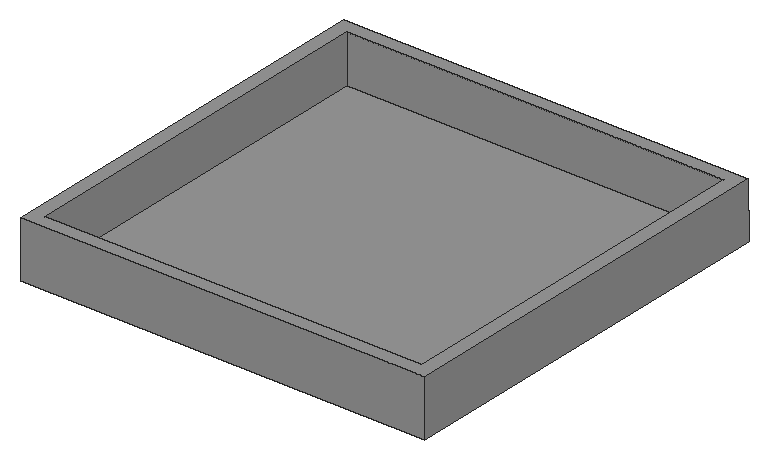
Revit family "RHUMBA_30W_3000K_2489LM_BLANC", category Lighting Fixtures, host Ceiling, Revit 2021
Family settings
  Host = Ceiling
  Round Connector Dimension = Use Diameter
  Part Type = Normal
  OmniClass Number = 23.80.70.11
  OmniClass Title = Luminaries for Internal Lighting
  Always vertical = Yes
  Cut with Voids When Loaded = No
  Light Source = Yes
  Shared = No
  Room Calculation Point = No
Parameters (values of type "Type 1")
  Wattage = 16.7562 W
  built-in parameter 1150110 = 1 (stored number, unit not read)
  Type de lampe = "LED Sanan LM80 Step MacAdam 5"
  Type = "Plafonnier"
  built-in parameter 1114217 = 1 (stored number, unit not read)
  Tilt Angle = 90.00°
  built-in parameter 1150109 = 1 (stored number, unit not read)
  built-in parameter 1150134 = (empty or 0)
  built-in parameter 1150113 = 1 (stored number, unit not read)
  Puissance nominale = "30W"
  Photometric Web File = "google_eulumdat_converter (27).ies"
  Matériau = "Aluminium"
  Lumens = 2489 lm
  built-in parameter 1150115 = 1 (stored number, unit not read)
  built-in parameter 1150105 = 198.07 (stored number, unit not read)
  built-in parameter 1150137 = (empty or 0)
  built-in parameter 1150139 = (empty or 0)
  built-in parameter 1150112 = 1 (stored number, unit not read)
  built-in parameter 1150114 = 1 (stored number, unit not read)
  built-in parameter 1150132 = 2
  built-in parameter 1150102 = (empty or 0)
  built-in parameter 1150138 = (empty or 0)
  built-in parameter 1150107 = 3000 (stored number, unit not read)
  built-in parameter 1150106 = 1.9807 (stored number, unit not read)
  IRC = ">80"
  Emit from Rectangle Width = 609.6 mm
  Emit from Rectangle Length = 1219.2 mm
  Emit Shape Visible in Rendering = no
  built-in parameter 1150104 = 13.8 (stored number, unit not read)
  Durée de vie = "30 000 heures"
  Driver = "Driver Lifud Flicker TUV"
  Dimming Lamp Color Temperature Shift = <None>
  Dimensions = "300 x 300 mm, H = 42 mm"
  Dimension découpe = "300 x 300 mm"
  Default Elevation = 0 mm
  Couleur = "Blanc Mat"
  Color Filter = 16777215
  built-in parameter 1114218 = 1 (stored number, unit not read)
  built-in parameter 1150133 = 10 (stored number, unit not read)
  Alimentation Driver = "AC 220-240V"
Reference planes
  plane 1 "Light Source Axis (F/B)": y = 0
  plane 2: z = 0
  plane 3 "Light Source Axis (L/R)": x = 0
  plane 4 "Ceiling": z = 4000
  plane 5 "Light Source Elevation": z = 3949.867
Forms (mm)
  Extrusion 1, void
    sketch origin (0, 0, 4000) x (0, 1, 0) y (-1, 0, 0)
      loop
        line (140, 140) -> (-140, 140) -> (-140, -140) -> (140, -140) -> (140, 140)
    from -54.448 to 0
  Extrusion 2, solid, material "Metal, Paint Finish, White, Matte"
    sketch origin (0, 0, 4000) x (0, 1, 0) y (-1, 0, 0)
      loop
        line (150, 150) -> (-150, 150) -> (-150, -150) -> (150, -150) -> (150, 150)
    from -42 to 0
  Extrusion 3, solid, material "Glass, White, High Luminance"
    sketch origin (0, 0, 4000) x (0, 1, 0) y (-1, 0, 0)
      loop
        line (140, 140) -> (-140, 140) -> (-140, -140) -> (140, -140) -> (140, 140)
    from -42 to -35.588
Cuts and joins
  Extrusion 1 cuts Extrusion 2
Lines and regions (mm)
  reference lines
    curve 1: line (0, 0, 4000) -> (112.5, 0, 4000)
    curve 2: line (112.5, 0, 4000) -> (112.5, 112.5, 4000)
    curve 3: line (112.5, 112.5, 4000) -> (-112.5, 112.5, 4000)
    curve 4: line (-112.5, 112.5, 4000) -> (-112.5, -112.5, 4000)
    curve 5: line (-112.5, -112.5, 4000) -> (112.5, -112.5, 4000)
    curve 6: line (112.5, -112.5, 4000) -> (112.5, 0, 4000)
    curve 7: line (0, 0, 4000) -> (0, 0, 3958)
Dimensions and locks
  equal spacing: host sketch curve, plane 3 "Light Source Axis (L/R)", host sketch curve
  equal spacing: host sketch curve, plane 1 "Light Source Axis (F/B)", host sketch curve
  host sketch curve to host sketch curve = 4000 mm  (x2)
  plane 4 "Ceiling" to host ceiling = 0 mm
  aligned and locked: plane 5 "Light Source Elevation" to imposter light
